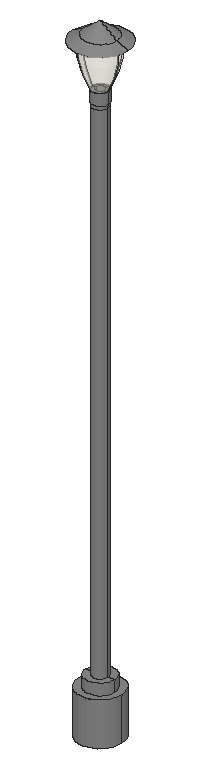
Revit family "M_Iluminação de rua - Antiga", category Luminárias, Revit 2019
Family settings
  Cota do conector redondo = Utilizar diâmetro
  Tipo de parte = Normal
  Número OmniClass = 23.80.70.14.21
  Título OmniClass = Street and Roadway Lighting
  ID de item do Seek = Street Light - Antique-0000-CAN-ENU
  Com base no plano de trabalho = Não
  Sempre na vertical = Sim
  Corte com vazios quando carregada = Não
  Fonte luminosa = Sim
  Compartilhado = Não
  Ponto de cálculo do ambiente = Não
Parameters (values of type "250W Halógeno - 120V")
  Wattage = 250 W
  built-in parameter 1150110 = 1 (stored number, unit not read)
  built-in parameter 1114217 = 1 (stored number, unit not read)
  built-in parameter 1150109 = 1 (stored number, unit not read)
  built-in parameter 1150134 = 3
  built-in parameter 1150113 = 1 (stored number, unit not read)
  Tilt Angle = -90.00°
  Arquivo de rede fotométrica = "SLS1T4.IES"
  built-in parameter 1150115 = 1 (stored number, unit not read)
  built-in parameter 1150105 = 397.89 (stored number, unit not read)
  Classificação de carga = Iluminação - Externa
  built-in parameter 1150137 = 1
  built-in parameter 1150139 = (empty or 0)
  built-in parameter 1150112 = 1 (stored number, unit not read)
  built-in parameter 1150114 = 1 (stored number, unit not read)
  built-in parameter 1150132 = (empty or 0)
  built-in parameter 1150102 = (empty or 0)
  built-in parameter 1150138 = (empty or 0)
  built-in parameter 1150107 = 3200 (stored number, unit not read)
  built-in parameter 1150106 = 3.9789 (stored number, unit not read)
  built-in parameter 1150104 = 1.8581 (stored number, unit not read)
  Dimming Lamp Color Temperature Shift = (empty or 0)
  Color Filter = 16777215
  Voltagem do transformador = 120 V
  Transformador por número de postes = 1
  built-in parameter 1114218 = 1 (stored number, unit not read)
  built-in parameter 1150133 = 10 (stored number, unit not read)
  Código de montagem = "D5020280"
  Altura = 4500 mm
  Lâmpada = "T-4"
  Lumens = 5000 lm
  Material de sombra = Vidro, Jateado
  Material do suporte = Aço, acabamento de pintura, cinza escuro, fosco
  Comentários de voltagem = "250"
  Carga aparente = 250 VA
Types (10, lengths in mm): name | Wattage | built-in parameter 1150134 | Tilt Angle | Arquivo de rede fotométrica | built-in parameter 1150105 | built-in parameter 1150107 | built-in parameter 1150106 | built-in parameter 1150104 | Voltagem do transformador | Transformador por número de postes | Lâmpada | Lumens | Comentários de voltagem | Carga aparente
  (no name) | 250 W | 3 | -90.00° | "SLS1T4.IES" | 397.89 (stored number, unit not read) | 3200 (stored number, unit not read) | 3.9789 (stored number, unit not read) | 1.8581 (stored number, unit not read) | 120 V | 1 | "T-4" | 5000 lm | "250" | 250 VA
  400W Halógeno - 120V | 400 W | 3 | -90.00° | "SLS1T3.ies" | 795.77 (stored number, unit not read) | 3200 (stored number, unit not read) | 7.9577 (stored number, unit not read) | 2.3226 (stored number, unit not read) | 120 V | 1 | "T-3" | 10000 lm | "400" | 400 VA
  250W Sódio - 120V | 250 W | 13 | 90.00° | "SLS1ET18.ies" | 2307.7 (stored number, unit not read) | 2100 (stored number, unit not read) | 23.077 (stored number, unit not read) | 10.777 (stored number, unit not read) | 120 V | 1 | "ET-18" | 29000 lm | "250" | 250 VA
  250W Halógeno - 120V | 250 W | 3 | -90.00° | "SLS1T4.IES" | 397.89 (stored number, unit not read) | 3200 (stored number, unit not read) | 3.9789 (stored number, unit not read) | 1.8581 (stored number, unit not read) | 120 V | 1 | "T-4" | 5000 lm | "250" | 250 VA
  250W Halógeno - 277V | 250 W | 3 | -90.00° | "SLS1T4.IES" | 397.89 (stored number, unit not read) | 3200 (stored number, unit not read) | 3.9789 (stored number, unit not read) | 1.8581 (stored number, unit not read) | 277 V | 1 | "T-4" | 5000 lm | "250" | 250 VA
  250W Halógeno - 480V | 250 W | 3 | -90.00° | "SLS1T4.IES" | 397.89 (stored number, unit not read) | 3200 (stored number, unit not read) | 3.9789 (stored number, unit not read) | 1.8581 (stored number, unit not read) | 480 V | 3 | "T-4" | 5000 lm | "250" | 250 VA
  250W Sódio - 277V | 250 W | 13 | 90.00° | "SLS1ET18.ies" | 2307.7 (stored number, unit not read) | 2100 (stored number, unit not read) | 23.077 (stored number, unit not read) | 10.777 (stored number, unit not read) | 277 V | 1 | "ET-18" | 29000 lm | "250" | 250 VA
  250W Sódio - 480V | 250 W | 13 | 90.00° | "SLS1ET18.ies" | 2307.7 (stored number, unit not read) | 2100 (stored number, unit not read) | 23.077 (stored number, unit not read) | 10.777 (stored number, unit not read) | 480 V | 3 | "ET-18" | 29000 lm | "250" | 250 VA
  400W Halógeno - 277V | 400 W | 3 | -90.00° | "SLS1T3.ies" | 795.77 (stored number, unit not read) | 3200 (stored number, unit not read) | 7.9577 (stored number, unit not read) | 2.3226 (stored number, unit not read) | 277 V | 1 | "T-3" | 10000 lm | "400" | 400 VA
  400W Halógeno - 480V | 400 W | 3 | -90.00° | "SLS1T3.ies" | 795.77 (stored number, unit not read) | 3200 (stored number, unit not read) | 7.9577 (stored number, unit not read) | 2.3226 (stored number, unit not read) | 480 V | 3 | "T-3" | 10000 lm | "400" | 400 VA
Reference planes
  plane 1 "Eixo de origem da luz": y = 0
  plane 2: z = 0
  plane 3 "Eixo de origem da luz": x = 0
  plane 4: z = 4500
  plane 5: z = 4373
  plane 6: z = 4411.1
  plane 7: z = 4068.2
  plane 8: z = 3992
  plane 9: z = 3966.6
  plane 10: x = -114.3
  plane 11: x = -190.5
  plane 12: x = -165.1
  plane 13: x = -76.2
  plane 14: x = 101.6
  plane 15: x = 76.2
  plane 16 "Elevação da origem da luz": z = 4292.6
  plane 17: z = 304.8
Forms (mm)
  Extrusion 1, solid, material "Aço, acabamento de pintura, cinza escuro, fosco" <- "Material do suporte"
    sketch origin (0, 0, 0) x (1, 0, 0) y (0, 1, 0)
      loop
        circle (0, 0) r 152.4
    from 0 to 304.8
  Revolve 2, solid, material "Aço, acabamento de pintura, cinza escuro, fosco" <- "Material do suporte"
    sketch origin (0, 0, 0) x (1, 0, 0) y (0, 0, 1)
      loop
        line (0, 4500) -> (-114.3, 4411.1) -> (-190.5, 4373) -> (-114.3, 4373) -> (-114.3, 4381.731) -> (-144.639, 4381.731) -> (-107.454, 4400.324) -> (0, 4485.172) -> (0, 4500)
      loop
        line (-57.398, 4068.2) -> (-57.398, 3992) -> (-53.975, 3992) -> (-53.975, 3966.6) -> (-12.7, 3966.6) -> (-12.7, 3992) -> (-31.998, 3992) -> (-31.998, 4068.2) -> (-57.398, 4068.2)
      axis (0, 4500) -> (0, 3966.6)
    angle from 0 to 360
  Sweep 3, solid, material "Aço, acabamento de pintura, cinza escuro, fosco" <- "Material do suporte"
    path origin (0, 0, 304.8) x (1, 0, 0) y (0, 1, 0)
      loop
        circle (0, 0) r 12.7
    profile origin (0, 0, 304.8) x (0, -1, 0) y (0, 0, 1)
      loop
        line (-25.4, 0) -> (-25.4, 3661.8) -> (-50.8, 3661.8) -> (-50.8, 76.2) -> (-101.6, 76.2) -> (-101.6, 0) -> (-25.4, 0)
  Revolve 4, solid, material "Vidro, Jateado" <- "Material de sombra"
    sketch origin (0, 0, 0) x (1, 0, 0) y (0, 0, 1)
      loop
        line (-57.398, 4068.2) -> (-51.043, 4068.2)
        arc (-51.043, 4068.2) -> (-108.966, 4215.957) -> (-131.878, 4373) r 695.382
        line (-131.878, 4373) -> (-139.069, 4373)
        arc (-139.069, 4373) -> (-115.751, 4215.906) -> (-57.398, 4068.2) r 695.382
      axis (0, 4373) -> (0, 4068.2)
    angle from 0 to 360
Lines and regions (mm)
  Masking region 1
    outline origin (0, 0, 0) x (1, 0, 0) y (0, 1, 0)
      loop
        circle (0, 0) r 152.4
  symbolic lines, style "Exterior"
    curve 1: arc (152.4, 0, 0) -> (0, 152.4, 0) -> (-152.4, 0, 0) r 152.4
    curve 2: arc (-152.4, 0, 0) -> (0, -152.4, 0) -> (152.4, 0, 0) r 152.4
    curve 3: arc (12.7, 0, 0) -> (0, 12.7, 0) -> (-12.7, 0, 0) r 12.7
    curve 4: arc (-12.7, 0, 0) -> (0, -12.7, 0) -> (12.7, 0, 0) r 12.7
Dimensions and locks
  "Altura": plane 4 to plane 2
  locked: plane 8 to plane 9 at 25.4
  locked: plane 7 to plane 8 at 76.2
  locked: plane 5 to plane 7 at 304.8
  locked: plane 6 to plane 5 at 38.1
  locked: plane 4 to plane 6 at 88.9
  aligned and locked: plane 10 to Revolve 2 sketch curve
  aligned and locked: plane 11 to Revolve 2 sketch curve
  aligned and locked: plane 5 to Revolve 2 sketch curve
  aligned and locked: Sweep 3 sketch curve to plane 9
  aligned and locked: Sweep 3 sketch curve to plane 17
  aligned and locked: Masking region 1 sketch curve to curve 1
  aligned and locked: imposter light to plane 3 "Eixo de origem da luz"
  aligned and locked: plane 1 "Eixo de origem da luz" to imposter light
  aligned and locked: imposter light to plane 16 "Elevação da origem da luz"
Automatic sketch dimensions
  Extrusion 1 sketch curve to plane 1 "Eixo de origem da luz" = 0 mm
  Extrusion 1 sketch curve to plane 3 "Eixo de origem da luz" = 0 mm
  Extrusion 1 sketch curve to plane 3 "Eixo de origem da luz" = 152.4 mm
  Sweep 3 sketch curve to plane 1 "Eixo de origem da luz" = 0 mm
  Sweep 3 sketch curve to plane 3 "Eixo de origem da luz" = 0 mm
  Sweep 3 sketch curve to plane 3 "Eixo de origem da luz" = 12.7 mm
  Revolve 2 sketch curve to plane 10 = 0 mm
  Revolve 2 sketch curve to plane 7 = 0 mm
  Revolve 2 sketch curve to plane 8 = 0 mm  (x2)
  Revolve 2 sketch curve to plane 9 = 0 mm
  Revolve 2 sketch curve to plane 3 "Eixo de origem da luz" = 0 mm
  Revolve 2 sketch curve to plane 5 = 8.731 mm
  Revolve 2 sketch curve to plane 12 = 20.461 mm
  Revolve 2 sketch curve to plane 10 = 6.846 mm
  Revolve 2 sketch curve to plane 3 "Eixo de origem da luz" = 57.398 mm
  Revolve 2 sketch curve to Revolve 2 sketch curve = 3.423 mm
  Revolve 2 sketch curve to Revolve 2 sketch curve = 25.4 mm
  Revolve 2 sketch curve to plane 3 "Eixo de origem da luz" = 12.7 mm
  Revolve 2 sketch curve to plane 6 = 0 mm
  Revolve 2 sketch curve to plane 4 = 0 mm  (x2)
  plane 9 to Revolve 2 sketch curve = 76.2 mm
  plane 6 to Revolve 2 sketch curve = 10.776 mm
  Revolve 2 sketch curve to Revolve 2 sketch curve = 14.828 mm
  Revolve 2 sketch curve to Revolve 2 sketch curve = 254 mm
  Revolve 4 sketch curve to plane 5 = 0 mm
  Revolve 4 sketch curve to plane 7 = 0 mm
  Revolve 4 sketch curve to plane 3 "Eixo de origem da luz" = 0 mm
  Revolve 4 sketch curve to plane 3 "Eixo de origem da luz" = 51.043 mm
  Revolve 4 sketch curve to Revolve 4 sketch curve = 6.355 mm
  Revolve 4 sketch curve to plane 3 "Eixo de origem da luz" = 131.878 mm
  Revolve 4 sketch curve to Revolve 4 sketch curve = 7.191 mm
  Revolve 4 sketch curve to plane 5 = 22.884 mm
  Revolve 4 sketch curve to Revolve 4 sketch curve = 7.244 mm
  Revolve 4 sketch curve to plane 8 = 25.4 mm
  Revolve 4 sketch curve to plane 4 = 177.8 mm
  curve 1 to plane 1 "Eixo de origem da luz" = 0 mm
  curve 4 to plane 1 "Eixo de origem da luz" = 0 mm
  curve 2 to plane 3 "Eixo de origem da luz" = 0 mm
  curve 3 to plane 3 "Eixo de origem da luz" = 0 mm
  curve 3 to plane 3 "Eixo de origem da luz" = 12.7 mm
  curve 2 to plane 12 = 12.7 mm
  profile plane to Sweep 3 sketch curve = 88.9 mm
  profile plane to Sweep 3 sketch curve = 38.1 mm
  profile plane to Sweep 3 sketch curve = 12.7 mm
  Sweep 3 sketch curve to Sweep 3 sketch curve = 76.2 mm
Connectors
  electrical at (0, 0, 3966.6), driven by "Carga aparente", driven by "Voltagem do transformador", driven by "Transformador por número de postes", driven by "Classificação de carga"
    settings: on Revolve 2, index 1, voltage 120 V, apparent load 0 VA, apparent load phase1 250 VA, apparent load phase2 0 VA, apparent load phase3 0 VA, power factor 0.95, load classification "Iluminação - Externa", number of poles 1, system type 31, power factor state 1, is connector primary yes, connector utility no, sub classification motor no, connector description ""
